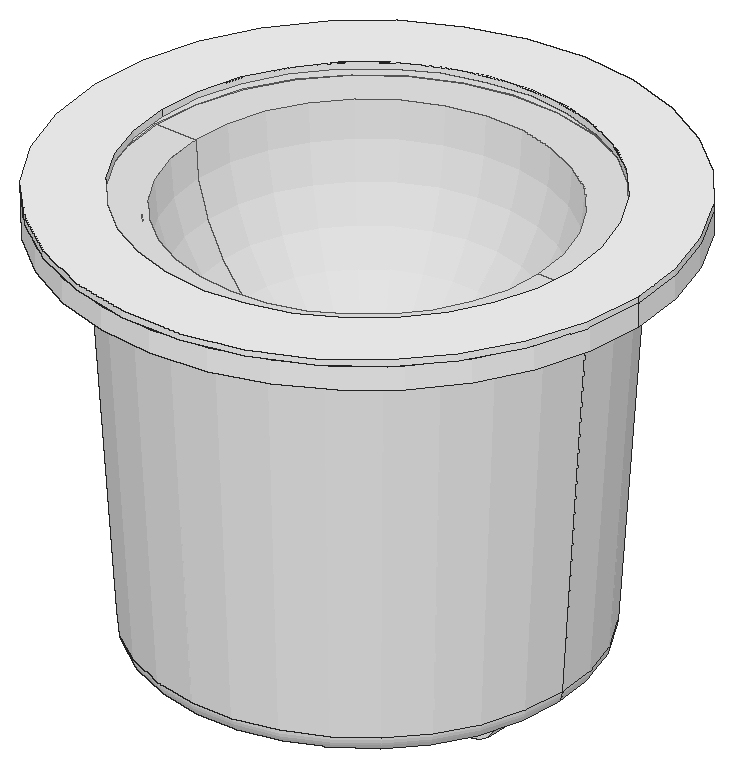
Revit family "2058863 Feilo Sylvania Lighting Fixture MYRD IP ST 3K DALIEM WHT WBEZ", category Lighting Fixtures, host Face, Revit 2017
Family settings
  Host = Face
  Round Connector Dimension = Use Diameter
  Part Type = Normal
  OmniClass Number = 23.80.70.11.17
  OmniClass Title = Specialized Lighting by Location or Use
  Cut with Voids When Loaded = No
  Light Source = Yes
  Shared = No
  Room Calculation Point = No
Parameters
  Weight = "1.44 kg"
  Wattage = 15 W
  WarrantyStartDate [instance] = "n/a"
  WarrantyGuarantorParts = "n/a"
  WarrantyDurationUnit = "n/a"
  WarrantyDurationParts = "n/a"
  WarrantyDescription = "n/a"
  built-in parameter 1150110 = 1 (stored number, unit not read)
  Voltage = 230 V
  URL = "http://www.sylvania-lighting.com"
  TypeName = "MYRD IP ST 3K DALIEM WHT WBEZ"
  Type Image = 0
  Type Comments = ""
  built-in parameter 1114217 = 1 (stored number, unit not read)
  Tilt Angle = -90°
  built-in parameter 1150109 = 1 (stored number, unit not read)
  built-in parameter 1150134 = (empty or 0)
  built-in parameter 1150113 = 1 (stored number, unit not read)
  SerialNumber [instance] = "n/a"
  Reflector Radius = Cutout Diameter / 2 - 2.5 mm  # 35.0 mm
  Reflector Material = Aluminum_Sylvania_Myriad_Bright
  Recessed Depth = Height  # 72.0 mm
  PowerFactor = 0
  PowerConsumption = "15 W"
  Photometric Web File = "2058863.ies"
  NominalWidth = 0.0 mm
  NominalLength = 76.0 mm
  NominalHeight = 72.0 mm
  Name = "MYRD IP ST 3K DALIEM WHT WBEZ"
  ModelReference = "MYRD IP ST 3K DALIEM WHT WBEZ"
  ModelNumber = "2058863"
  Material = "Aluminium"
  ManufacturerName = "Feilo Sylvania"
  LuminousEfficacy = "62 lm/W"
  LuminaireType = "Ceiling recessed"
  LightOutputRatio = "1"
  LampsType = Lamp  # "LED"
  LampNominalLuminous = "932 lm"
  LampMacAdamStep = "n/a"
  LampColourTemperature = "3000 K"
  LampColourRenderingIndex = "n/a"
  Keynote = "16500"
  Keynote_2 = "16500"
  InstallationDate [instance] = "n/a"
  InputVoltage = "230-240V~"
  InputNominalFrequency = "50/60 Hz"
  IngressProtection = "IP65"
  ImpactProtectionIndex = "IK02"
  IfcExportType = "IfcLightFixtureType"
  IfcExportAs = "IfcLightFixtureType"
  Height = 72.0 mm  # constant formula
  ExpectedLife = 50000
  Emit from Circle Diameter = Accessory Inner Diameter 2  # 68.0 mm
  Emit Shape Visible in Rendering = no
  ElectricShockClassification = "Class II"
  DurationUnit = "hours"
  DocumentationLiterature = "http://www.sylvania-lighting.com/product/en-int/products/2058863"
  DimmingControlOptions = "Dimmable"
  Diffuser Material = Glass_Sylvania_Myriad_Clear_4000K
  Diffuser Diameter = Cutout Diameter  # 75.0 mm
  Cutout Diameter = 75.0 mm  # constant formula
  CreatedOn = "03-11-2017"
  CreatedBy = ""
  Cost = 0
  built-in parameter 1114216 [instance] = 1 (stored number, unit not read)
  Model = "MYRD IP ST 3K DALIEM WHT WBEZ"
  Manufacturer = "Feilo Sylvania"  # constant formula
  built-in parameter 1150105 = 74.007 (stored number, unit not read)
  Lumens = 930 lm
  built-in parameter 1150115 = 1 (stored number, unit not read)
  built-in parameter 1150137 = (empty or 0)
  built-in parameter 1150139 = (empty or 0)
  built-in parameter 1150112 = 1 (stored number, unit not read)
  built-in parameter 1150114 = 1 (stored number, unit not read)
  Lamp = "LED"
  built-in parameter 1150132 = (empty or 0)
  built-in parameter 1150102 = (empty or 0)
  built-in parameter 1150107 = 3000 (stored number, unit not read)
  built-in parameter 1150138 = (empty or 0)
  built-in parameter 1150106 = 0.74007 (stored number, unit not read)
  built-in parameter 1150104 = 5.76 (stored number, unit not read)
  Dimming Lamp Color Temperature Shift = (empty or 0)
  Description = "Supplied complete with electronic control gear Compact Fluorescent low energy downlight Emergency version passes through the cut out Ideal for low level orientation lighting New range of Architectural accessories each providing a different lit dimension New completely flush plaster up accessory ring for clean ceiling lines and smooth finish Order lamp separately"  # constant formula
  Default Elevation = 0.0 mm
  Color Filter = 16777215
  built-in parameter 1140040 [instance] = 1
  Body Radius = Reflector Radius + 1.5 mm  # 36.5 mm
  Body Material = Aluminum_Sylvania_Myriad_Gray
  BarCode [instance] = "n/a"
  built-in parameter 1114218 = 1 (stored number, unit not read)
  built-in parameter 1150133 = 10 (stored number, unit not read)
  AssetType = "Fixed"
  AssetIdentifier [instance] = "n/a"
  Assembly Code = "D5020200"
  Apparent Load = 15 VA
  Accessory Material = Aluminum_Sylvania_Myriad_White
  Accessory Inner Diameter 2 = Accessory Diameter - 22.0 mm  # 68.0 mm
  Accessory Inner Diameter 1 = Accessory Diameter - 2.0 mm  # 88.0 mm
  Accessory Diameter = Cutout Diameter + 15.0 mm  # 90.0 mm
Reference planes
  plane 1 "Center (Front/Back)": y = 0
  plane 2: z = 0
  plane 3 "Center (Left/Right)": x = 0
  plane 4: z = 2
  plane 5 "Fixture Bottom": z = 4.5
  plane 6: z = -28.5
  plane 7: z = -61.5
  plane 8 "Fixture Top": z = -67.5
  plane 9: z = 3.5
Forms (mm)
  Revolve 1, solid, material "Aluminum_Sylvania_Myriad_Bright" <- "Reflector Material", detail levels fine
    sketch origin (0, 0, 0) x (1, 0, 0) y (0, 0, 1)
      loop
        line (0, -27.515) -> (-6, -27.515)
        arc (-6, -27.515) -> (-22.333, -16.632) -> (-28.5, 2) r 30.135
        line (-28.5, 2) -> (-35, 2) -> (-35, 0) -> (-29.184, 0)
        arc (-29.184, 0) -> (-22.423, -18.18) -> (-6, -28.5) r 30.204
        line (-6, -28.5) -> (0, -28.5) -> (0, -27.515)
      axis (0, -28.5) -> (0, 2)
    angle from 0 to 360
  Revolve 2, solid, material "Aluminum_Sylvania_Myriad_Gray" <- "Body Material", detail levels fine
    sketch origin (0, 0, 0) x (1, 0, 0) y (0, 0, 1)
      loop
        line (-44, 2) -> (-44, 0) -> (-36.5, 0) -> (-32.42, -58.708)
        arc (-32.42, -58.708) -> (-31.474, -60.694) -> (-29.428, -61.5) r 3
        line (-29.428, -61.5) -> (0, -61.5) -> (0, -28.5) -> (-6, -28.5)
        arc (-6, -28.5) -> (-22.423, -18.18) -> (-29.184, 0) r 30.204
        line (-29.184, 0) -> (-35, 0) -> (-35, 2) -> (-44, 2)
      axis (0, 2) -> (0, -61.5)
    angle from 0 to 360
  Extrusion 3, solid, material "Aluminum_Sylvania_Myriad_Gray" <- "Body Material", detail levels fine
    sketch origin (0, 0, 0) x (1, 0, 0) y (0, 0, 1)
      loop
        line (-13.5, -67.5) -> (21, -67.5)
        arc (21, -67.5) -> (23.828, -66.328) -> (25, -63.5) r 4
        line (25, -63.5) -> (25, -61.5) -> (-17.5, -61.5) -> (-17.5, -63.5)
        arc (-17.5, -63.5) -> (-16.328, -66.328) -> (-13.5, -67.5) r 4
    from -4.5 to 4.5
  Extrusion 4, solid, material "Aluminum_Sylvania_Myriad_White" <- "Accessory Material", detail levels fine
    sketch origin (0, 0, 0) x (1, 0, 0) y (0, 1, 0)
      loop
        circle (0, 0) r 45
      loop
        circle (0, 0) r 44
    from 0 to 3.5
  Extrusion 5, solid, material "Aluminum_Sylvania_Myriad_White" <- "Accessory Material", detail levels fine
    sketch origin (0, 0, 0) x (1, 0, 0) y (0, 1, 0)
      loop
        circle (0, 0) r 45
      loop
        circle (0, 0) r 34
    from 3.5 to 4.5
  Extrusion 6, solid, material "Aluminum_Sylvania_Myriad_White" <- "Accessory Material", detail levels coarse+medium
    sketch origin (0, 0, 0) x (1, 0, 0) y (0, 1, 0)
      loop
        circle (0, 0) r 45
    from 0 to 4.5
  Revolve 7, solid, detail levels coarse+medium
    sketch origin (0, 0, 0) x (1, 0, 0) y (0, 0, 1)
      loop
        line (36.5, 0) -> (0, 0) -> (0, -61.5) -> (32.226, -61.5) -> (36.5, 0)
      axis (0, 0) -> (0, -61.5)
    angle from 0 to 360
  Extrusion 8, void
    sketch origin (0, 0, 0) x (1, 0, 0) y (0, 1, 0)
      loop
        circle (0, 0) r 37.5
    from -67.5 to 0
  Extrusion 9, solid, material "Glass_Sylvania_Myriad_Clear_4000K" <- "Diffuser Material", detail levels fine
    sketch origin (0, 0, 0) x (1, 0, 0) y (0, 1, 0)
      loop
        circle (0, 0) r 37.5
    from 2 to 3.5
Cuts and joins
  joined: Extrusion 4, Extrusion 5
Lines and regions (mm)
  Masking region 1
    outline origin (0, 0, 0) x (1, 0, 0) y (0, 1, 0)
      loop
        circle (0, 0) r 45
  symbolic lines
    curve 1: arc (-34, 0, 0) -> (0, 34, 0) -> (34, 0, 0) r 34
    curve 2: arc (34, 0, 0) -> (0, -34, 0) -> (-34, 0, 0) r 34
Dimensions and locks
  locked: plane 7 to plane 8 "Fixture Top" at 6
  "Body Radius": Revolve 7 sketch curve to plane 3 "Center (Left/Right)"
  locked: Revolve 7 sketch curve to Revolve 7 sketch curve at 4.274
  plane 5 "Fixture Bottom" to plane 9 to plane 4 to plane 2 to plane 6 = 1.0 mm locked, 1.5 mm locked, 2.0 mm locked, 28.5 mm locked
  "Reflector Radius": Revolve 1 sketch curve to plane 3 "Center (Left/Right)"
  Revolve 1 sketch curve to Revolve 1 sketch curve to Revolve 1 sketch curve to Revolve 1 sketch curve = 6.5 mm locked, 22.5 mm locked, 0.0 mm locked
  "Reflector Radius": plane 3 "Center (Left/Right)" to Revolve 2 sketch curve
  Revolve 2 sketch curve to Revolve 2 sketch curve to Revolve 2 sketch curve = 7.5 mm locked, 1.5 mm locked
  Revolve 2 sketch curve to Revolve 2 sketch curve to Revolve 2 sketch curve = 5.816 mm locked, 23.184 mm locked
  Revolve 2 sketch curve to Revolve 2 sketch curve to Revolve 2 sketch curve = 2.58 mm locked, 2.993 mm locked
  "Accessory Diameter": diameter of Extrusion 4 sketch curve
  "Accessory Inner Diameter 1": diameter of Extrusion 4 sketch curve
  "Accessory Diameter": diameter of Extrusion 5 sketch curve
  "Accessory Diameter": diameter of Extrusion 6 sketch curve
  "Cutout Diameter": diameter of Extrusion 8 sketch curve
  "Accessory Inner Diameter 2": diameter of Extrusion 5 sketch curve
  "Diffuser Diameter": diameter of Extrusion 9 sketch curve
  aligned and locked: plane 2 to host face
  aligned and locked: level to host face
  aligned and locked: plane 1 "Center (Front/Back)" to imposter light
  aligned and locked: plane 3 "Center (Left/Right)" to imposter light
  aligned and locked: Revolve 1 sketch curve to imposter light
  aligned and locked: Extrusion 3 sketch curve to plane 8 "Fixture Top"
  aligned and locked: plane 7 to Extrusion 3 sketch curve
  aligned and locked: Extrusion 4 to plane 2
  aligned and locked: plane 9 to Extrusion 4
  aligned and locked: Extrusion 5 to plane 9
  aligned and locked: plane 5 "Fixture Bottom" to Extrusion 5
  aligned and locked: Extrusion 6 to plane 2
  aligned and locked: plane 5 "Fixture Bottom" to Extrusion 6
  aligned and locked: Extrusion 8 to plane 8 "Fixture Top"
  aligned and locked: plane 2 to Extrusion 8
  aligned and locked: Masking region 1 sketch curve to Extrusion 6  (x2)
  aligned and locked: Extrusion 9 to plane 4
  aligned and locked: plane 9 to Extrusion 9
  aligned and locked: plane 4 to Revolve 2 sketch curve
  aligned and locked: Revolve 2 sketch curve to plane 2
  aligned and locked: curve 1 to cut or joined group of Extrusion 4, Extrusion 5
  aligned and locked: curve 2 to cut or joined group of Extrusion 4, Extrusion 5
  aligned and locked: imposter light to plane 5 "Fixture Bottom"
Automatic sketch dimensions
  host sketch curve to host sketch curve = 1305.563 mm
  host sketch curve to host sketch curve = 1283.632 mm
  Extrusion 3 sketch curve to plane 7 = 2.0 mm
  Extrusion 3 sketch curve to plane 3 "Center (Left/Right)" = 13.5 mm
  plane 3 "Center (Left/Right)" to Extrusion 3 sketch curve = 21.0 mm
  Extrusion 3 sketch curve to Extrusion 3 sketch curve = 4.0 mm
  Revolve 1 sketch curve to level = 0.0 mm
  Revolve 1 sketch curve to plane 3 "Center (Left/Right)" = 0.0 mm
  Revolve 1 sketch curve to plane 6 = 0.0 mm
  Revolve 1 sketch curve to plane 4 = 0.0 mm
  Revolve 1 sketch curve to Revolve 1 sketch curve = 0.684 mm
  level to Revolve 1 sketch curve = 0.88 mm
  Revolve 1 sketch curve to plane 4 = 0.363 mm
  Revolve 1 sketch curve to Revolve 1 sketch curve = 0.625 mm
  Revolve 1 sketch curve to plane 8 "Fixture Top" = 232.8 mm
  plane 5 "Fixture Bottom" to Revolve 1 sketch curve = 291.243 mm
  Revolve 2 sketch curve to plane 3 "Center (Left/Right)" = 0.0 mm  (x2)
  Revolve 2 sketch curve to plane 7 = 0.0 mm
  Revolve 2 sketch curve to plane 6 = 0.0 mm
  Revolve 2 sketch curve to level = 0.0 mm
  level to Revolve 2 sketch curve = 0.88 mm
  plane 7 to Revolve 2 sketch curve = 2.792 mm
  Revolve 2 sketch curve to plane 8 "Fixture Top" = 304.774 mm
  plane 5 "Fixture Bottom" to Revolve 2 sketch curve = 1137.105 mm
  Extrusion 4 sketch curve to Extrusion 4 sketch curve = 0.0 mm  (x2)
  plane 1 "Center (Front/Back)" to Extrusion 4 sketch curve = 0.0 mm
  Extrusion 4 sketch curve to plane 3 "Center (Left/Right)" = 0.0 mm
  Extrusion 5 sketch curve to Extrusion 5 sketch curve = 0.0 mm  (x2)
  plane 1 "Center (Front/Back)" to Extrusion 5 sketch curve = 0.0 mm
  Extrusion 5 sketch curve to plane 3 "Center (Left/Right)" = 0.0 mm
  plane 1 "Center (Front/Back)" to Extrusion 6 sketch curve = 0.0 mm
  Extrusion 6 sketch curve to plane 3 "Center (Left/Right)" = 0.0 mm
  Revolve 7 sketch curve to level = 0.0 mm
  Revolve 7 sketch curve to plane 3 "Center (Left/Right)" = 0.0 mm  (x2)
  Revolve 7 sketch curve to plane 7 = 0.0 mm
  Revolve 7 sketch curve to plane 8 "Fixture Top" = 304.774 mm
  plane 5 "Fixture Bottom" to Revolve 7 sketch curve = 43.226 mm
  plane 1 "Center (Front/Back)" to Extrusion 8 sketch curve = 0.0 mm
  Extrusion 8 sketch curve to plane 3 "Center (Left/Right)" = 0.0 mm
  plane 1 "Center (Front/Back)" to Extrusion 9 sketch curve = 0.0 mm
  Extrusion 9 sketch curve to plane 3 "Center (Left/Right)" = 0.0 mm
Connectors
  electrical at (-0.006, -0.019, -67.5), driven by "Apparent Load", driven by "Apparent Load"
    settings: on plane 8 "Fixture Top", index 1, voltage 230 V, apparent load 15 VA, apparent load phase1 15 VA, apparent load phase2 0 VA, apparent load phase3 0 VA, power factor 1, load classification "Lighting", number of poles 1, system type 30, power factor state 1, is connector primary yes, connector utility no, sub classification motor no, connector description ""
